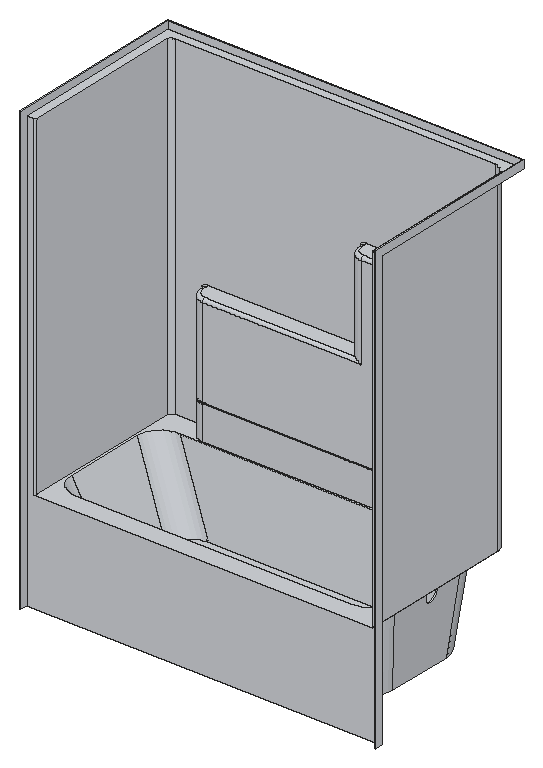
Revit family "OASIS TS-6030 ABF", category Plumbing Fixtures, Revit 2020
Family settings
  Round Connector Dimension = Use Diameter
  Part Type = Normal
  OmniClass Number = 23.45.05.14.21.11
  OmniClass Title = Bath/Shower Units
  Work Plane-Based = No
  Always vertical = Yes
  Cut with Voids When Loaded = No
  Shared = No
  Room Calculation Point = No
Parameters (values of type "Base Model, 3SF, 3SM, & FH Packages")
  Width [instance] = 60"
  Stainless steel = none
  Model = "TS-6030 ABF/(Base Model,3SF,3SM,FH)"
  Default Elevation = 0"
  URL = "www.oasisbath.com"
  Type Comments = "Combination Tub & Shower"  # constant formula
  Seat Finish = none
  Sanitary Connector = "Sanitary Connection"  # constant formula
  Product Documentation Link [instance] = "www.oasisbath.com"
  Manufacturer = "OASIS"  # constant formula
  Hot Water Connector = "Hot Water Connection"  # constant formula
  Height [instance] = 75 1/4"
  Grab Bar Finish = none
  Bar_Horz_Right = no
  Bar_Horz_Left = no
  Bar_Horz_Back_High = no
  Bar_Horz_Back_Low = no
  Bar_Vert = no
  BIM Model By = "www.shive-hattery.com"
  Description = ""
  Depth [instance] = 31 1/4"
  Color = none
  Cold Water Connector = "Cold Water Connection"  # constant formula
Types (5): name | Model | Bar_Horz_Right | Bar_Horz_Left | Bar_Horz_Back_High | Bar_Horz_Back_Low | Bar_Vert
  4BAR Package | "TS-6030 ABF/4BAR" | yes | yes | yes | yes | no
  Base Model, 3SF, 3SM, & FH Packages | "TS-6030 ABF/(Base Model,3SF,3SM,FH)" | no | no | no | no | no
  BP1-60 Package | "TS-6030 ABF/BP1-60" | no | yes | yes | no | no
  BP2-60 Package | "TS-6030 ABF/BP2-60" | no | yes | yes | no | yes
  5BAR Package | "TS-6030 ABF/5BAR" | yes | yes | yes | yes | yes
Reference planes (in)
  plane 1 "Back Exterior": y = 0
  plane 2 "Floor": z = 0
  plane 3 "Center (Left/Right)": x = 0
  plane 4 "Left Exterior": x = -30
  plane 5 "Right Exterior": x = 30
  plane 6 "Top Flange": z = 75.25
  plane 7 "Front Flange": y = -31.25
Forms (in)
  Sweep 1, solid, detail levels medium+fine
    path origin (0, 0, 17.25) x (1, 0, 0) y (0, 1, 0)
      loop
        line (29.875, -31.25) -> (29.875, -30) -> (28.625, -30)
        arc (28.625, -30) -> (28.44822, -29.92678) -> (28.375, -29.75) r 0.25
        line (28.375, -29.75) -> (28.375, -3.625)
        arc (28.375, -3.625) -> (27.78921, -2.21079) -> (26.375, -1.625) r 2
        line (26.375, -1.625) -> (-27.625, -1.625)
        arc (-27.625, -1.625) -> (-28.15533, -1.84467) -> (-28.375, -2.375) r 0.75
        line (-28.375, -2.375) -> (-28.375, -29.75)
        arc (-28.375, -29.75) -> (-28.44822, -29.92678) -> (-28.625, -30) r 0.25
        line (-28.625, -30) -> (-29.875, -30) -> (-29.875, -31.25)
    profile origin (-29.875, -30.625, 17.25) x (1, 0, 0) y (0, 0, 1)
      loop
        line (0, 56.75) -> (-0.125, 56.75) -> (-0.125, 0) -> (0, 0) -> (0, 56.75)
  Extrusion 2, solid, detail levels medium+fine
    sketch origin (0, 0, 74) x (1, 0, 0) y (0, 1, 0)
      loop
        arc (-28.625, -29.875) -> (-28.53661, -29.83839) -> (-28.5, -29.75) r 0.125
        line (-28.5, -29.75) -> (-28.5, -2.375)
        arc (-28.5, -2.375) -> (-28.24372, -1.75628) -> (-27.625, -1.5) r 0.875
        line (-27.625, -1.5) -> (26.375, -1.5)
        arc (26.375, -1.5) -> (27.8776, -2.1224) -> (28.5, -3.625) r 2.125
        line (28.5, -3.625) -> (28.5, -29.75)
        arc (28.5, -29.75) -> (28.53661, -29.83839) -> (28.625, -29.875) r 0.125
        line (28.625, -29.875) -> (30, -29.875) -> (30, 0) -> (-30, 0) -> (-30, -29.875) -> (-28.625, -29.875)
    from -0.125 to 0
  Extrusion 3, solid, detail levels medium+fine
    sketch origin (0, 0, 74) x (1, 0, 0) y (0, 1, 0)
      loop
        line (-30, 0) -> (-30, -31.25) -> (-29.875, -31.25) -> (-29.875, -0.125) -> (29.875, -0.125) -> (29.875, -31.25) -> (30, -31.25) -> (30, 0) -> (-30, 0)
    from 1.25 to 0
  Extrusion 4, void
    sketch origin (0, 0, 3) x (1, 0, 0) y (0, 1, 0)
      loop
        circle (21.25, -15.25) r 1
    from 0.625 to 0
  Extrusion 5, solid, detail levels medium+fine
    sketch origin (0, 0, 0) x (-1, 0, 0) y (0, -1, 0)
      loop
        line (30, 31.25) -> (29.875, 31.25) -> (29.875, 30) -> (-29.875, 30) -> (-29.875, 31.25) -> (-30, 31.25) -> (-30, 29.875) -> (30, 29.875) -> (30, 31.25)
    from 17.25 to 0
  Blend 6, solid, detail levels medium+fine
    base sketch origin (0, 0, 3) x (1, 0, 0) y (0, 1, 0)
      loop
        line (21.375, -6.5) -> (-18.125, -6.5)
        arc (-18.125, -6.5) -> (-20.95343, -7.67157) -> (-22.125, -10.5) r 4
        line (-22.125, -10.5) -> (-22.125, -21.75)
        arc (-22.125, -21.75) -> (-20.95343, -24.57843) -> (-18.125, -25.75) r 4
        line (-18.125, -25.75) -> (21.375, -25.75)
        arc (21.375, -25.75) -> (24.20343, -24.57843) -> (25.375, -21.75) r 4
        line (25.375, -21.75) -> (25.375, -10.5)
        arc (25.375, -10.5) -> (24.20343, -7.67157) -> (21.375, -6.5) r 4
    top sketch origin (0, 0, 3) x (1, 0, 0) y (0, 1, 0)
      loop
        line (22.875, -5) -> (-24.125, -5)
        arc (-24.125, -5) -> (-26.95343, -6.17157) -> (-28.125, -9) r 4
        line (-28.125, -9) -> (-28.125, -23.25)
        arc (-28.125, -23.25) -> (-26.95343, -26.07843) -> (-24.125, -27.25) r 4
        line (-24.125, -27.25) -> (22.875, -27.25)
        arc (22.875, -27.25) -> (25.70343, -26.07843) -> (26.875, -23.25) r 4
        line (26.875, -23.25) -> (26.875, -9)
        arc (26.875, -9) -> (25.70343, -6.17157) -> (22.875, -5) r 4
    from 0 to 14.25
  Blend 7, void
    base sketch origin (0, 0, 3.625) x (1, 0, 0) y (0, 1, 0)
      loop
        line (21.125, -6.75) -> (-17.875, -6.75)
        arc (-17.875, -6.75) -> (-20.70343, -7.92157) -> (-21.875, -10.75) r 4
        line (-21.875, -10.75) -> (-21.875, -21.5)
        arc (-21.875, -21.5) -> (-20.70343, -24.32843) -> (-17.875, -25.5) r 4
        line (-17.875, -25.5) -> (21.125, -25.5)
        arc (21.125, -25.5) -> (23.95343, -24.32843) -> (25.125, -21.5) r 4
        line (25.125, -21.5) -> (25.125, -10.75)
        arc (25.125, -10.75) -> (23.95343, -7.92157) -> (21.125, -6.75) r 4
    top sketch origin (0, 0, 3.625) x (1, 0, 0) y (0, 1, 0)
      loop
        line (-27.875, -9.25) -> (-27.875, -23)
        arc (-27.875, -23) -> (-26.70343, -25.82843) -> (-23.875, -27) r 4
        line (-23.875, -27) -> (22.625, -27)
        arc (22.625, -27) -> (25.45343, -25.82843) -> (26.625, -23) r 4
        line (26.625, -23) -> (26.625, -9.25)
        arc (26.625, -9.25) -> (25.45343, -6.42157) -> (22.625, -5.25) r 4
        line (22.625, -5.25) -> (-23.875, -5.25)
        arc (-23.875, -5.25) -> (-26.70343, -6.42157) -> (-27.875, -9.25) r 4
    from 0 to 13.625
  Extrusion 8, solid, detail levels medium+fine
    sketch origin (0, 0, 17.25) x (1, 0, 0) y (0, 1, 0)
      loop
        line (26.375, -1.625) -> (-27.625, -1.625)
        arc (-27.625, -1.625) -> (-28.15533, -1.84467) -> (-28.375, -2.375) r 0.75
        line (-28.375, -2.375) -> (-28.375, -30) -> (28.375, -30) -> (28.375, -3.625)
        arc (28.375, -3.625) -> (27.78921, -2.21079) -> (26.375, -1.625) r 2
      loop
        line (-27.875, -9.25) -> (-27.875, -23)
        arc (-27.875, -23) -> (-26.70343, -25.82843) -> (-23.875, -27) r 4
        line (-23.875, -27) -> (22.625, -27)
        arc (22.625, -27) -> (25.45343, -25.82843) -> (26.625, -23) r 4
        line (26.625, -23) -> (26.625, -9.25)
        arc (26.625, -9.25) -> (25.45343, -6.42157) -> (22.625, -5.25) r 4
        line (22.625, -5.25) -> (-23.875, -5.25)
        arc (-23.875, -5.25) -> (-26.70343, -6.42157) -> (-27.875, -9.25) r 4
    from 0 to -0.25
  Extrusion 9, void
    sketch origin (26.875, 0, 0) x (0, 1, 0) y (0, 0, 1)
      loop
        circle (-15.25, 15) r 1.25
    from 0 to -1.5
  Extrusion 10, solid, detail levels medium+fine
    sketch origin (0, 0, 38.75) x (1, 0, 0) y (0, 1, 0)
      loop
        line (-20.125, -5) -> (6.625, -5)
        arc (6.625, -5) -> (5.03401, -4.34099) -> (4.375, -2.75) r 2.25
        line (4.375, -2.75) -> (4.375, -2.25)
        arc (4.375, -2.25) -> (4.19194, -1.80806) -> (3.75, -1.625) r 0.625
        line (3.75, -1.625) -> (-23, -1.625)
        arc (-23, -1.625) -> (-22.55806, -1.80806) -> (-22.375, -2.25) r 0.625
        line (-22.375, -2.25) -> (-22.375, -2.75)
        arc (-22.375, -2.75) -> (-21.71599, -4.34099) -> (-20.125, -5) r 2.25
    from -21.5 to 0
  Extrusion 11, solid, detail levels medium+fine
    sketch origin (0, 0, 54.5) x (1, 0, 0) y (0, 1, 0)
      loop
        arc (4.375, -2.75) -> (5.03401, -4.34099) -> (6.625, -5) r 2.25
        line (6.625, -5) -> (20.125, -5)
        arc (20.125, -5) -> (21.71599, -4.34099) -> (22.375, -2.75) r 2.25
        line (22.375, -2.75) -> (22.375, -2.23737)
        arc (22.375, -2.23737) -> (22.51588, -1.84209) -> (22.875, -1.625) r 0.625
        line (22.875, -1.625) -> (3.75, -1.625)
        arc (3.75, -1.625) -> (4.19194, -1.80806) -> (4.375, -2.25) r 0.625
        line (4.375, -2.25) -> (4.375, -2.75)
    from -37.25 to 0
  Sweep 12, void
    path in 3D
      loop
        arc (3.75, -1.625, 54.5) -> (4.19194, -1.80806, 54.5) -> (4.375, -2.25, 54.5) r 0.625
        line (4.375, -2.25, 54.5) -> (4.375, -2.75, 54.5)
        arc (4.375, -2.75, 54.5) -> (5.03401, -4.34099, 54.5) -> (6.625, -5, 54.5) r 2.25
        line (6.625, -5, 54.5) -> (20.125, -5, 54.5)
        arc (20.125, -5, 54.5) -> (21.71599, -4.34099, 54.5) -> (22.375, -2.75, 54.5) r 2.25
        line (22.375, -2.75, 54.5) -> (22.375, -2.23737, 54.5)
        arc (22.375, -2.23737, 54.5) -> (22.51588, -1.84209, 54.5) -> (22.875, -1.625, 54.5) r 0.625
    profile origin (13.375, -5, 54.5) x (0, 1, 0) y (0, 0, 1)
      loop
        line (0, 0) -> (0, -0.5)
        arc (0, -0.5) -> (0.14645, -0.14645) -> (0.5, 0) r 0.5
        line (0.5, 0) -> (0, 0)
  Sweep 13, void
    path in 3D
      loop
        arc (-23, -1.625, 38.75) -> (-22.55806, -1.80806, 38.75) -> (-22.375, -2.25, 38.75) r 0.625
        line (-22.375, -2.25, 38.75) -> (-22.375, -2.75, 38.75)
        arc (-22.375, -2.75, 38.75) -> (-21.71599, -4.34099, 38.75) -> (-20.125, -5, 38.75) r 2.25
        line (-20.125, -5, 38.75) -> (6.625, -5, 38.75)
    profile origin (-6.75, -5, 38.75) x (0, 1, 0) y (0, 0, 1)
      loop
        line (0.5, 0) -> (0, 0) -> (0, -0.5)
        arc (0, -0.5) -> (0.14645, -0.14645) -> (0.5, 0) r 0.5
  Extrusion 14, solid, detail levels coarse
    sketch origin (0, 0, 38.75) x (1, 0, 0) y (0, 1, 0)
      loop
        line (-30, 0) -> (-30, -31.25) -> (30, -31.25) -> (30, 0) -> (-30, 0)
    from -38.75 to 36.5
  Sweep 15, void
    path origin (0, 0, 23) x (1, 0, 0) y (0, 1, 0)
      loop
        line (-22.375, -2.25) -> (-22.375, -2.75)
        arc (-22.375, -2.75) -> (-21.71599, -4.34099) -> (-20.125, -5) r 2.25
        line (-20.125, -5) -> (20.125, -5)
        arc (20.125, -5) -> (21.71599, -4.34099) -> (22.375, -2.75) r 2.25
        line (22.375, -2.75) -> (22.375, -2.23737)
    profile origin (0, -5, 23) x (0, 1, 0) y (0, 0, 1)
      loop
        circle (0, 0) r 0.0625
Cuts and joins
  Extrusion 4 cuts Sweep 1
  Extrusion 4 cuts Extrusion 2
  Extrusion 4 cuts Extrusion 3
  Extrusion 4, Blend 7, Extrusion 9 cuts Blend 6
  joined: Sweep 1, Extrusion 2, Extrusion 3, Extrusion 5, Blend 6, Extrusion 8
  Sweep 13, Sweep 15 cuts Extrusion 10
  Sweep 12, Sweep 15 cuts Extrusion 11
  joined: Extrusion 10, Extrusion 11
Lines and regions (in)
  symbolic lines
    curve 1: line (0, -31.25, 75.25) -> (0, -31.25, 0)
    curve 2: line (0, -31.25, 0) -> (0, -30, 0)
    curve 5: line (0, -31.25, 75.25) -> (0, 0, 75.25)
    curve 7: line (0, 0, 74) -> (0, 0, 75.25)
    curve 8: line (-30, 0, 0) -> (30, 0, 0)
    curve 11: line (-30, 0, 75.25) -> (-30, 0, 0)
    curve 12: line (30, 0, 75.25) -> (30, 0, 0)
    curve 15: line (-30, 0, 75.25) -> (30, 0, 75.25)
    curve 18: line (30, 0, 0) -> (-30, 0, 0)
    curve 19: line (-30, 0, 0) -> (-30, -31.25, 0)
    curve 20: line (30, 0, 0) -> (30, -31.25, 0)
    curve 21: line (-29.875, -31.25, 0) -> (-30, -31.25, 0)
    curve 41: line (30, -31.25, 0) -> (29.875, -31.25, 0)
  symbolic lines, detail levels medium+fine
    curve 3: line (0, -1.625, 17.75) -> (0, -1.625, 74)
    curve 4: line (0, -30, 0) -> (0, -30, 74)
    curve 6: line (0, -30, 74) -> (0, 0, 74)
    curve 9: line (-27.77475, 0, 17.25) -> (27.77475, 0, 17.25)
    curve 10: line (-28.375, 0, 74) -> (-28.375, 0, 18.625)
    curve 13: line (28.375, 0, 74) -> (28.375, 0, 18.625)
    curve 14: line (-29.875, 0, 74) -> (29.875, 0, 74)
    curve 16: line (29.875, 0, 75.25) -> (29.875, 0, 0)
    curve 22: line (28.625, -30, 0) -> (-28.625, -30, 0)
    curve 23: line (26.375, -1.625, 0) -> (-27.625, -1.625, 0)
    curve 24: line (-28.375, -2.375, 0) -> (-28.375, -29.75, 0)
    curve 25: line (28.375, -3.625, 0) -> (28.375, -29.75, 0)
    curve 26: arc (-28.375, -2.375, 0) -> (-28.15533, -1.84467, 0) -> (-27.625, -1.625, 0) r 0.75
    curve 27: arc (26.375, -1.625, 0) -> (27.78921, -2.21079, 0) -> (28.375, -3.625, 0) r 2
    curve 28: line (-29.875, -0.125, 0) -> (-29.875, -30, 0)
    curve 29: line (29.875, -0.125, 0) -> (-29.875, -0.125, 0)
    curve 30: line (29.875, -0.125, 0) -> (29.875, -30, 0)
    curve 31: line (30, -31.25, 0) -> (29.875, -31.25, 0)
    curve 42: line (29.875, -30, 0) -> (29.875, -31.25, 0)
    curve 43: line (-29.875, -30, 0) -> (-29.875, -31.25, 0)
    curve 44: line (-29.875, -30, 3) -> (-28.625, -30, 3)
    curve 45: arc (-28.375, -29.75, 3) -> (-28.44822, -29.92678, 3) -> (-28.625, -30, 3) r 0.25
    curve 46: arc (28.625, -30, 3) -> (28.44822, -29.92678, 3) -> (28.375, -29.75, 3) r 0.25
    curve 47: line (28.625, -30, 3) -> (29.875, -30, 3)
    curve 48: arc (-28.375, 0, 18.625) -> (-28.2184, 0, 17.87485) -> (-27.77475, 0, 17.25) r 1.875
    curve 49: arc (28.375, 0, 18.625) -> (28.2184, 0, 17.87485) -> (27.77475, 0, 17.25) r 1.875
    curve 58: line (-28.125, -9, 0) -> (-28.125, -23.25, 0)
    curve 59: line (22.875, -5, 0) -> (-24.125, -5, 0)
    curve 60: line (26.875, -9, 0) -> (26.875, -23.25, 0)
    curve 61: line (22.875, -27.25, 0) -> (-24.125, -27.25, 0)
    curve 62: arc (22.875, -5, 0) -> (25.70343, -6.17157, 0) -> (26.875, -9, 0) r 4
    curve 63: arc (26.875, -23.25, 0) -> (25.70343, -26.07843, 0) -> (22.875, -27.25, 0) r 4
    curve 64: arc (-24.125, -27.25, 0) -> (-26.95343, -26.07843, 0) -> (-28.125, -23.25, 0) r 4
    curve 65: arc (-28.125, -9, 0) -> (-26.95343, -6.17157, 0) -> (-24.125, -5, 0) r 4
    curve 66: circle (21.25, -15.25, 3.625) r 1 normal (0, 0, 1)
    curve 67: line (0, -16.25, 3) -> (0, -14.25, 3)
    curve 68: line (0, -27.20098, 16.80472) -> (0, -25.94609, 5.40614)
    curve 69: line (0, -5, 17.25) -> (0, -6.30391, 5.40614)
    curve 79: arc (0, -2.125, 17.25) -> (0, -1.77145, 17.39645) -> (0, -1.625, 17.75) r 0.5
    curve 80: circle (0, -15.25, 15) r 1.25 normal (1, 0, 0)
    curve 92: line (4.375, 0, 38.75) -> (-21.87557, 0, 38.75)
    curve 93: line (4.375, 0, 38.75) -> (4.375, 0, 54)
    curve 94: line (21.875, 0, 54.5) -> (4.875, 0, 54.5)
    curve 95: line (22.375, 0, 54) -> (22.375, 0, 17.25)
    curve 96: line (-22.37557, 0, 17.25) -> (-22.37557, 0, 38.25)
    curve 97: arc (4.375, 0, 54) -> (4.52145, 0, 54.35355) -> (4.875, 0, 54.5) r 0.5
    curve 98: arc (21.875, 0, 54.5) -> (22.22855, 0, 54.35355) -> (22.375, 0, 54) r 0.5
    curve 99: arc (-22.37557, 0, 38.25) -> (-22.22912, 0, 38.60355) -> (-21.87557, 0, 38.75) r 0.5
    curve 100: line (0, -1.625, 38.75) -> (0, -4.5, 38.75)
    curve 101: line (0, -1.625, 54.5) -> (0, -3.99975, 54.5)
    curve 102: arc (0, -25.94609, 5.40614) -> (0, -25.29269, 4.13542) -> (0, -23.9581, 3.625) r 2
    curve 103: arc (0, -8.2919, 3.625) -> (0, -6.95731, 4.13542) -> (0, -6.30391, 5.40614) r 2
    curve 104: line (0, -1.625, 23) -> (0, -4.90221, 23)
    curve 105: arc (0, -30, 16.75) -> (0, -29.85355, 17.10355) -> (0, -29.5, 17.25) r 0.5
    curve 106: arc (0, -27.69798, 17.25) -> (0, -27.36433, 17.1224) -> (0, -27.20098, 16.80472) r 0.5
    curve 107: line (22.375, 0, 23) -> (-22.37557, 0, 23)
    curve 108: arc (-23, -1.625, 38.75) -> (-22.55806, -1.80806, 38.75) -> (-22.375, -2.25, 38.75) r 0.625
    curve 109: line (-22.375, -2.25, 38.75) -> (-22.375, -2.75, 38.75)
    curve 110: arc (-22.375, -2.75, 38.75) -> (-21.71599, -4.34099, 38.75) -> (-20.125, -5, 38.75) r 2.25
    curve 111: arc (3.75, -1.625, 38.75) -> (4.19194, -1.80806, 38.75) -> (4.375, -2.25, 38.75) r 0.625
    curve 112: line (4.375, -2.25, 38.75) -> (4.375, -2.75, 38.75)
    curve 113: arc (4.375, -2.75, 38.75) -> (5.03401, -4.34099, 38.75) -> (6.625, -5, 38.75) r 2.25
    curve 114: arc (22.375, -2.23737, 38.75) -> (22.51588, -1.84209, 38.75) -> (22.875, -1.625, 38.75) r 0.625
    curve 115: line (22.375, -2.75, 38.75) -> (22.375, -2.23737, 38.75)
    curve 116: arc (20.125, -5, 38.75) -> (21.71599, -4.34099, 38.75) -> (22.375, -2.75, 38.75) r 2.25
    curve 117: line (0, -5, 38.25) -> (0, -5, 17.25)
    curve 118: arc (0, -5, 38.25) -> (0, -4.85355, 38.60355) -> (0, -4.5, 38.75) r 0.5
    curve 119: line (0, -4.4995, 54.01587) -> (0, -5, 38.25)
    curve 120: arc (0, -4.4995, 54.01587) -> (0, -4.34765, 54.35912) -> (0, -3.99975, 54.5) r 0.5
  symbolic lines, detail levels fine
    curve 17: line (-29.875, 0, 75.25) -> (-29.875, 0, 0)
  symbolic lines, style "PlumbingFixturesHiddenLines", detail levels coarse
    curve 32: line (-30, 0, 0) -> (30, -31.25, 0)
    curve 33: line (30, 0, 0) -> (-30, -31.25, 0)
    curve 35: line (-30, 0, 75.25) -> (30, 0, 0)
    curve 36: line (-30, 0, 0) -> (30, 0, 75.25)
    curve 39: line (0, -31.25, 75.25) -> (0, 0, 0)
    curve 40: line (0, 0, 75.25) -> (0, -31.25, 0)
  symbolic lines, detail levels coarse
    curve 34: line (29.875, -31.25, 0) -> (-29.875, -31.25, 0)
    curve 37: line (0, 0, 0) -> (0, 0, 74)
    curve 38: line (0, -30, 0) -> (0, 0, 0)
  symbolic lines, style "InvisibleLines"
    curve 50: line (21.375, -6.5, 0) -> (-18.125, -6.5, 0)
    curve 51: line (-22.125, -10.5, 0) -> (-22.125, -21.75, 0)
    curve 52: line (21.375, -25.75, 0) -> (-18.125, -25.75, 0)
    curve 53: arc (-22.125, -10.5, 0) -> (-20.95343, -7.67157, 0) -> (-18.125, -6.5, 0) r 4
    curve 54: line (25.375, -10.5, 0) -> (25.375, -21.75, 0)
    curve 55: arc (21.375, -6.5, 0) -> (24.20343, -7.67157, 0) -> (25.375, -10.5, 0) r 4
    curve 56: arc (25.375, -21.75, 0) -> (24.20343, -24.57843, 0) -> (21.375, -25.75, 0) r 4
    curve 57: arc (-18.125, -25.75, 0) -> (-20.95343, -24.57843, 0) -> (-22.125, -21.75, 0) r 4
    curve 75: line (0, -25.75, 3.625) -> (0, -25.75, 17.25)
    curve 76: line (0, -27.25, 3.625) -> (0, -27.25, 16.97208)
    curve 77: line (0, -5, 3.625) -> (0, -5, 17.25)
    curve 78: line (0, -6.5, 3.625) -> (0, -6.5, 17.25)
  symbolic lines, style "PlumbingFixtures", detail levels medium+fine
    curve 70: line (0, -23.9581, 3.625) -> (0, -16.375, 3.625)
    curve 71: line (0, -14.125, 3.625) -> (0, -8.2919, 3.625)
    curve 72: line (0, -16.25, 3) -> (0, -16.375, 3.625)
    curve 73: line (0, -14.25, 3) -> (0, -14.125, 3.625)
    curve 74: line (0, -29.5, 17.25) -> (0, -2.125, 17.25)
  sketch lines
    curve 81: line (6.625, -5, 54.5) -> (20.125, -5, 54.5)
    curve 82: arc (6.625, -5, 54.5) -> (5.03401, -4.34099, 54.5) -> (4.375, -2.75, 54.5) r 2.25
    curve 83: arc (22.375, -2.75, 54.5) -> (21.71599, -4.34099, 54.5) -> (20.125, -5, 54.5) r 2.25
    curve 84: line (-20.125, -5, 38.75) -> (6.625, -5, 38.75)
    curve 85: arc (-20.125, -5, 38.75) -> (-21.71599, -4.34099, 38.75) -> (-22.375, -2.75, 38.75) r 2.25
    curve 86: line (-22.375, -2.25, 38.75) -> (-22.375, -2.75, 38.75)
    curve 87: arc (-22.375, -2.25, 38.75) -> (-22.55806, -1.80806, 38.75) -> (-23, -1.625, 38.75) r 0.625
    curve 88: line (22.375, -2.75, 54.5) -> (22.375, -2.23737, 54.5)
    curve 89: arc (22.875, -1.625, 54.5) -> (22.51588, -1.84209, 54.5) -> (22.375, -2.23737, 54.5) r 0.625
    curve 90: line (4.375, -2.25, 54.5) -> (4.375, -2.75, 54.5)
    curve 91: arc (4.375, -2.25, 54.5) -> (4.19194, -1.80806, 54.5) -> (3.75, -1.625, 54.5) r 0.625
Dimensions and locks (in)
  equal spacing: plane 4 "Left Exterior", plane 3 "Center (Left/Right)", plane 5 "Right Exterior"
  aligned and locked: level to plane 2 "Floor"
  aligned and locked: Sweep 1 sketch curve to curve 43
  aligned and locked: Sweep 1 sketch curve to curve 26
  aligned and locked: Sweep 1 sketch curve to curve 27
  aligned and locked: Sweep 1 sketch curve to curve 42
  aligned and locked: curve 17 to Sweep 1 sketch curve
  aligned and locked: curve 11 to Sweep 1 sketch curve
  aligned and locked: Extrusion 2 sketch curve to Sweep 1  (x5)
  aligned and locked: Extrusion 2 sketch curve to curve 20
  aligned and locked: Extrusion 2 sketch curve to curve 18
  aligned and locked: Extrusion 2 sketch curve to curve 19
  aligned and locked: Extrusion 3 sketch curve to curve 29
  aligned and locked: plane 7 "Front Flange" to Extrusion 5 sketch curve
  aligned and locked: Extrusion 5 sketch curve to plane 4 "Left Exterior"
  aligned and locked: Extrusion 4 sketch curve to curve 66
  aligned and locked: Extrusion 5 sketch curve to plane 5 "Right Exterior"
  aligned and locked: Extrusion 5 sketch curve to plane 7 "Front Flange"
  aligned and locked: Extrusion 5 sketch curve to curve 42
  aligned and locked: Extrusion 9 sketch curve to curve 80
  aligned and locked: Extrusion 10 to Sweep 13 sketch curve
Automatic sketch dimensions
  plane 4 "Left Exterior" to curve 21 = 1/8"
  curve 34 to plane 5 "Right Exterior" = 1/8"
  plane 1 "Back Exterior" to curve 29 = 1/8"
  plane 7 "Front Flange" to Sweep 1 sketch curve = 0"  (x2)
  plane 4 "Left Exterior" to curve 44 = 1/8"
  curve 47 to plane 5 "Right Exterior" = 1/8"
  Extrusion 5 sketch curve to plane 4 "Left Exterior" = 1/8"
  Sweep 12 sketch curve to profile plane = 0"  (x4)
  Sweep 12 sketch curve to Sweep 12 sketch curve = 1/2"  (x2)
  Sweep 12 sketch curve to Sweep 12 sketch curve = 0"
  Sweep 13 sketch curve to Sweep 13 sketch curve = 1/2"  (x3)
  Sweep 13 sketch curve to profile plane = 0"  (x3)
  Extrusion 10 sketch curve to Extrusion 10 sketch curve = 26 3/4"
  Extrusion 11 sketch curve to Extrusion 11 sketch curve = 1/2"  (x2)
  plane 4 "Left Exterior" to curve 24 = 1 5/8"
  plane 4 "Left Exterior" to curve 58 = 1 7/8"
  curve 26 to curve 59 = 3 1/2"
  curve 64 to curve 51 = 2"
  curve 51 to curve 53 = 4"
  curve 57 to curve 52 = 4"
  curve 55 to plane 5 "Right Exterior" = 8 5/8"
  curve 52 to curve 54 = 4"
  curve 50 to curve 59 = 1 1/2"
  curve 56 to curve 61 = 1 1/2"
  curve 23 to plane 5 "Right Exterior" = 3 5/8"
  curve 54 to curve 60 = 1 1/2"
  curve 22 to curve 24 = 1/4"  (x2)
  curve 25 to curve 22 = 1/4"
  Sweep 1 sketch curve to Sweep 1 sketch curve = 1/4"  (x2)
  curve 66 to plane 5 "Right Exterior" = 8 3/4"
  plane 4 "Left Exterior" to Blend 6 sketch curve = 7 7/8"
  Blend 6 sketch curve to Blend 6 sketch curve = 4"  (x5)
  Blend 6 sketch curve to plane 5 "Right Exterior" = 8 5/8"  (x2)
  plane 4 "Left Exterior" to Blend 6 sketch curve = 1 7/8"
  Blend 6 sketch curve to plane 5 "Right Exterior" = 7 1/8"  (x2)
  plane 4 "Left Exterior" to Blend 7 sketch curve = 8 1/8"
  Blend 7 sketch curve to Blend 7 sketch curve = 4"  (x5)
  Blend 7 sketch curve to plane 5 "Right Exterior" = 8 7/8"  (x2)
  plane 4 "Left Exterior" to Blend 7 sketch curve = 2 1/8"
  Blend 7 sketch curve to plane 5 "Right Exterior" = 7 3/8"  (x2)
  plane 4 "Left Exterior" to Extrusion 8 sketch curve = 1 5/8"
  plane 4 "Left Exterior" to Extrusion 8 sketch curve = 2 1/8"
  Extrusion 8 sketch curve to Extrusion 8 sketch curve = 4 1/2"
  Extrusion 8 sketch curve to Extrusion 8 sketch curve = 3 3/4"
  Extrusion 8 sketch curve to plane 5 "Right Exterior" = 7 3/8"  (x2)
  Extrusion 8 sketch curve to plane 5 "Right Exterior" = 3 5/8"
  plane 4 "Left Exterior" to Extrusion 10 sketch curve = 7"
  plane 3 "Center (Left/Right)" to Extrusion 10 sketch curve = 3 3/4"
  Extrusion 10 sketch curve to Extrusion 10 sketch curve = 5/8"  (x2)
  plane 3 "Center (Left/Right)" to Extrusion 11 sketch curve = 3 3/4"
  Extrusion 11 sketch curve to plane 5 "Right Exterior" = 9 7/8"
  curve 24 to curve 23 = 3/4"
  curve 64 to curve 64 = 4"
  curve 52 to plane 5 "Right Exterior" = 8 5/8"
  curve 25 to plane 5 "Right Exterior" = 1 5/8"
  curve 42 to plane 7 "Front Flange" = 1 1/4"
  curve 43 to plane 7 "Front Flange" = 1 1/4"
  curve 61 to plane 7 "Front Flange" = 4"
  curve 52 to plane 7 "Front Flange" = 5 1/2"
  plane 1 "Back Exterior" to curve 54 = 10 1/2"
  curve 55 to curve 62 = 1 1/2"
  plane 1 "Back Exterior" to curve 25 = 3 5/8"
  curve 28 to curve 22 = 0"
  curve 22 to curve 25 = 1/4"
  Sweep 1 sketch curve to plane 7 "Front Flange" = 1 1/4"  (x2)
  plane 1 "Back Exterior" to curve 66 = 15 1/4"
  plane 7 "Front Flange" to Extrusion 5 sketch curve = 1 1/4"
  Extrusion 5 sketch curve to Extrusion 5 sketch curve = 1/8"
  Blend 6 sketch curve to plane 7 "Front Flange" = 5 1/2"
  plane 1 "Back Exterior" to Blend 6 sketch curve = 10 1/2"
  Blend 6 sketch curve to plane 5 "Right Exterior" = 3 1/8"
  Blend 6 sketch curve to plane 7 "Front Flange" = 4"
  plane 1 "Back Exterior" to Blend 6 sketch curve = 9"
  Blend 7 sketch curve to plane 7 "Front Flange" = 5 3/4"
  Blend 7 sketch curve to Blend 7 sketch curve = 10 3/4"
  Blend 7 sketch curve to plane 5 "Right Exterior" = 3 3/8"
  Blend 7 sketch curve to plane 7 "Front Flange" = 4 1/4"
  plane 1 "Back Exterior" to Blend 7 sketch curve = 9 1/4"
  Extrusion 8 sketch curve to Extrusion 8 sketch curve = 3/4"
  Extrusion 8 sketch curve to plane 5 "Right Exterior" = 3 3/8"
  Extrusion 8 sketch curve to plane 5 "Right Exterior" = 1 5/8"
  Extrusion 8 sketch curve to plane 7 "Front Flange" = 1 1/4"
  Extrusion 8 sketch curve to plane 7 "Front Flange" = 4 1/4"
  plane 1 "Back Exterior" to Extrusion 8 sketch curve = 9 1/4"
  plane 1 "Back Exterior" to Extrusion 8 sketch curve = 3 5/8"
  Extrusion 10 sketch curve to Extrusion 10 sketch curve = 2 1/4"
  Extrusion 10 sketch curve to Extrusion 10 sketch curve = 0"
  plane 1 "Back Exterior" to Extrusion 10 sketch curve = 5"
  plane 1 "Back Exterior" to Extrusion 10 sketch curve = 2 3/4"
  Extrusion 10 sketch curve to Extrusion 10 sketch curve = 1/2"
  Extrusion 11 sketch curve to Extrusion 11 sketch curve = 5/8"  (x2)
  Extrusion 11 sketch curve to Extrusion 11 sketch curve = 2 1/4"  (x2)
  plane 1 "Back Exterior" to Extrusion 11 sketch curve = 5"
  plane 1 "Back Exterior" to curve 33 = 0"
  curve 31 to plane 5 "Right Exterior" = 0"
  plane 7 "Front Flange" to curve 43 = 0"
  curve 18 to plane 4 "Left Exterior" = 0"
  Extrusion 14 sketch curve to plane 4 "Left Exterior" = 0"
  plane 5 "Right Exterior" to Extrusion 14 sketch curve = 0"
  plane 7 "Front Flange" to Extrusion 14 sketch curve = 0"
  Extrusion 14 sketch curve to plane 1 "Back Exterior" = 0"
  Extrusion 3 sketch curve to plane 4 "Left Exterior" = 0"
  plane 7 "Front Flange" to Extrusion 3 sketch curve = 0"  (x2)
  plane 1 "Back Exterior" to Extrusion 3 sketch curve = 0"
  Extrusion 3 sketch curve to plane 5 "Right Exterior" = 0"
  plane 4 "Left Exterior" to Extrusion 3 sketch curve = 1/8"
  Extrusion 3 sketch curve to Extrusion 3 sketch curve = 1/8"
  curve 44 to curve 45 = 1 1/4"
  curve 46 to curve 47 = 1 1/4"
  curve 44 to plane 7 "Front Flange" = 1 1/4"
  curve 47 to plane 7 "Front Flange" = 1 1/4"
  curve 45 to curve 45 = 1/4"
  curve 47 to curve 46 = 1/4"
  curve 8 to level = 0"
  curve 8 to plane 4 "Left Exterior" = 0"
  curve 17 to plane 6 "Top Flange" = 0"
  curve 15 to plane 5 "Right Exterior" = 0"
  plane 4 "Left Exterior" to curve 10 = 1 5/8"
  curve 10 to curve 9 = 0.60025"
  curve 9 to curve 48 = 1.27475"
  plane 4 "Left Exterior" to curve 96 = 7.62443"
  curve 96 to curve 99 = 1/2"
  plane 3 "Center (Left/Right)" to curve 93 = 4 3/8"
  curve 93 to curve 97 = 1/2"
  curve 98 to plane 5 "Right Exterior" = 8 1/8"
  curve 98 to curve 95 = 1/2"
  curve 49 to plane 5 "Right Exterior" = 3 1/2"
  curve 49 to curve 9 = 1.27475"
  curve 9 to curve 13 = 0.60025"
  level to curve 9 = 17 1/4"
  curve 48 to curve 96 = 19 5/8"
  plane 4 "Left Exterior" to curve 17 = 1/8"
  curve 16 to curve 8 = 1/8"
  curve 14 to curve 16 = 1 1/4"
  Sweep 1 sketch curve to profile plane = 0"
  profile plane to Sweep 1 sketch curve = 56 3/4"
  curve 95 to curve 13 = 20"
  curve 95 to curve 107 = 5 3/4"
  Sweep 15 sketch curve to profile plane = 0"  (x2)
  plane 4 "Left Exterior" to Sweep 15 sketch curve = 9 7/8"
  plane 1 "Back Exterior" to Sweep 15 sketch curve = 5"
  Sweep 15 sketch curve to plane 5 "Right Exterior" = 9 7/8"
  Sweep 15 sketch curve to Sweep 15 sketch curve = 2 1/4"  (x2)
  Sweep 15 sketch curve to Sweep 15 sketch curve = 1/2"
  Sweep 15 sketch curve to Sweep 15 sketch curve = 0.51263"
  plane 1 "Back Exterior" to curve 108 = 2 1/4"
  plane 4 "Left Exterior" to curve 108 = 7"
  curve 108 to curve 109 = 5/8"
  curve 109 to curve 109 = 1/2"
  curve 110 to curve 110 = 2 1/4"
  plane 3 "Center (Left/Right)" to curve 111 = 3 3/4"
  curve 111 to curve 112 = 5/8"
  plane 1 "Back Exterior" to curve 111 = 2 1/4"
  curve 112 to curve 111 = 1/2"
  curve 112 to curve 113 = 2 1/4"
  plane 1 "Back Exterior" to curve 115 = 2.23737"
  curve 115 to plane 5 "Right Exterior" = 7 5/8"
  curve 114 to curve 114 = 5/8"
  curve 114 to curve 114 = 1/8"
  curve 115 to curve 114 = 0.51263"
  curve 116 to curve 115 = 2 1/4"
  curve 1 to plane 6 "Top Flange" = 0"
  curve 1 to plane 7 "Front Flange" = 0"
  curve 4 to level = 0"
  curve 37 to plane 1 "Back Exterior" = 0"
  curve 4 to plane 7 "Front Flange" = 1 1/4"
  curve 105 to curve 105 = 1/2"
  curve 105 to curve 106 = 1.80202"
  curve 106 to curve 68 = 0.497"
  curve 68 to plane 7 "Front Flange" = 5.30391"
  curve 102 to curve 70 = 1.98799"
  level to curve 70 = 3 5/8"
  curve 102 to curve 70 = 7.5831"
  curve 70 to curve 67 = 1/8"
  curve 70 to curve 80 = 1 1/8"
  curve 67 to curve 67 = 2"
  curve 67 to curve 71 = 1/8"
  curve 71 to curve 103 = 5.8331"
  curve 103 to curve 69 = 1.98799"
  plane 1 "Back Exterior" to curve 117 = 5"
  curve 118 to curve 118 = 1/2"
  plane 1 "Back Exterior" to curve 119 = 4.4995"
  curve 119 to curve 120 = 0.49975"
  plane 1 "Back Exterior" to curve 74 = 2 1/8"
  curve 79 to curve 3 = 1/2"
  curve 73 to curve 70 = 5/8"
  level to curve 71 = 3 5/8"
  curve 102 to curve 68 = 1.78114"
  curve 71 to curve 69 = 1.78114"
  curve 70 to curve 80 = 11 3/8"
  curve 68 to curve 106 = 11.34386"
  curve 105 to curve 106 = 0"
  curve 79 to curve 117 = 20 1/2"
  curve 120 to curve 119 = 0.01587"
  curve 6 to plane 6 "Top Flange" = 1 1/4"
  curve 76 to curve 68 = 0.04902"
  curve 76 to curve 75 = 1 1/2"
  curve 78 to curve 117 = 1 1/2"
  curve 69 to curve 117 = 0"
  curve 78 to curve 77 = 1 1/2"
  curve 104 to curve 104 = 3.27721"
  curve 75 to curve 70 = 0"
  curve 78 to curve 69 = 1.78114"
  curve 78 to curve 77 = 0"
  curve 76 to curve 75 = 0"
  curve 77 to curve 104 = 5 3/4"
  radius of curve 66 = 1"
  radius of Sweep 15 sketch curve = 1/16"
  radius of curve 80 = 1 1/4"
Nested families (in)
  nested 1: "Grab Bar-A" at (-28.375, -12, 35) x (0, 1, 0) z (1, 0, 0), visible <- "Bar_Horz_Left", type "Grab Bar-A", detail levels fine
    with Length 12"
  nested 2: "Grab Bar-A" at (28.375, -12, 35) x (0, 1, 0) z (-1, 0, 0), visible <- "Bar_Horz_Right", type "Grab Bar-A", detail levels fine
    with Length 12"
  nested 3: "Grab Bar-A" at (28.375, -24, 39) x (0, 0, -1) z (-1, 0, 0), visible <- "Bar_Vert", type "Grab Bar-A", detail levels fine
    with Length 24"
  nested 4: "Grab Bar-A" at (19.125, -5, 35) x (1, 0, 0) z (0, -1, 0), visible <- "Bar_Horz_Back_High", type "Grab Bar-A", detail levels fine
    with Length 24"
  nested 5: "Grab Bar-A" at (19.125, -5, 26.25) x (1, 0, 0) z (0, -1, 0), visible <- "Bar_Horz_Back_Low", type "Grab Bar-A", detail levels fine
    with Length 24"
Definition of nested family "Grab Bar-A"
  Parameters (values of type "Grab Bar-A")
    Radius = Diameter / 2  # 5/8"
    Outside Corner = Diameter * 1.5  # 1 7/8"
    Length [instance] = 24"
    Inside Corner = Diameter / 2  # 5/8"
    Diameter = 1 1/4"
    Depth = Diameter  # 1 1/4"
    Default Elevation = 0"
    Grab Bar Color = none
  Reference planes (in)
    plane 1 "Center (Front/Back)": y = 0
    plane 2 "Wall": z = 0
    plane 3 "Right": x = 0
    plane 4 "Left": x = -24
    plane 5: y = 0.625
    plane 6: y = -0.625
    plane 7: x = -23.375
    plane 8: x = -24.625
    plane 9: x = -0.625
    plane 10: x = 0.625
    plane 11: z = 1.25
    plane 12: z = 1.875
    plane 13: z = 2.5
  Forms (in)
    Extrusion 1, solid
      sketch origin (-10.75, -0.25, 0) x (1, 0, 0) y (0, 1, 0)
        loop
          line (-57.75, 48) -> (-57.75, -48) -> (27.8657, -48) -> (27.8657, 48) -> (-57.75, 48)
      from 0 to -12
    Sweep 2, solid, material <- "Grab Bar Color"
      path origin (0, 0, 0) x (1, 0, 0) y (0, 0, 1)
        loop
          line (0, 0) -> (0, 0.75)
          arc (0, 0.75) -> (-0.3295, 1.5455) -> (-1.125, 1.875) r 1.125
          line (-1.125, 1.875) -> (-22.625, 1.875)
          arc (-22.625, 1.875) -> (-23.59727, 1.47227) -> (-24, 0.5) r 1.375
          line (-24, 0.5) -> (-24, 0)
      profile origin (-24, 0, 0.25) x (0, -1, 0) y (1, 0, 0)
        loop
          circle (0, 0) r 0.625
  Lines and regions (in)
    Masking region 1
      outline origin (0, 0, 0) x (1, 0, 0) y (0, 0, 1)
        loop
          arc (-22.75, 2.5) -> (-24.07583, 1.95083) -> (-24.625, 0.625) r 1.875
          line (-24.625, 0.625) -> (-24.625, 0) -> (-23.375, 0) -> (-23.375, 0.625)
          arc (-23.375, 0.625) -> (-23.19194, 1.06694) -> (-22.75, 1.25) r 0.625
          line (-22.75, 1.25) -> (-1.25, 1.25)
          arc (-1.25, 1.25) -> (-0.80806, 1.06694) -> (-0.625, 0.625) r 0.625
          line (-0.625, 0.625) -> (-0.625, 0) -> (0.625, 0) -> (0.625, 0.625)
          arc (0.625, 0.625) -> (0.07583, 1.95083) -> (-1.25, 2.5) r 1.875
          line (-1.25, 2.5) -> (-22.75, 2.5)
    Masking region 2
      outline origin (0, 0, 0) x (0, 1, 0) y (0, 0, 1)
        loop
          line (-0.625, 1.875) -> (-0.625, 0) -> (0.625, 0) -> (0.625, 1.875)
          arc (0.625, 1.875) -> (0, 2.5) -> (-0.625, 1.875) r 0.625
    symbolic lines
      curve 1: line (-24, 0.625, 0) -> (0, 0.625, 0)
      curve 2: line (-24, -0.625, 0) -> (0, -0.625, 0)
      curve 3: arc (-24.625, 0, 0) -> (-24.44194, 0.44194, 0) -> (-24, 0.625, 0) r 0.625
      curve 4: arc (-24.625, 0, 0) -> (-24.44194, -0.44194, 0) -> (-24, -0.625, 0) r 0.625
      curve 5: arc (0, 0.625, 0) -> (0.44194, 0.44194, 0) -> (0.625, 0, 0) r 0.625
      curve 6: arc (0.625, 0, 0) -> (0.44194, -0.44194, 0) -> (0, -0.625, 0) r 0.625
  Dimensions and locks (in)
    "Length": plane 4 "Left" to plane 3 "Right"
    equal spacing: plane 8, plane 4 "Left", plane 7
    "Diameter": plane 8 to plane 7
    equal spacing: plane 9, plane 3 "Right", plane 10
    "Diameter": plane 9 to plane 10
    equal spacing: plane 5, plane 1 "Center (Front/Back)", plane 6
    "Diameter": plane 5 to plane 6
    equal spacing: plane 13, plane 12, plane 11
    "Diameter": plane 13 to plane 11
    "Depth": plane 11 to level
    "Radius": radius of curve 3
    "Radius": radius of curve 4
    "Radius": radius of curve 6
    "Radius": radius of curve 5
    "Outside Corner": radius of Masking region 1 sketch curve  (x2)
    "Inside Corner": radius of Masking region 1 sketch curve  (x2)
    "Radius": radius of Masking region 2 sketch curve
    aligned and locked: plane 2 "Wall" to Extrusion 1
    aligned and locked: level to Extrusion 1
    aligned and locked: curve 1 to plane 5
    aligned and locked: curve 2 to plane 6
    aligned and locked: Sweep 2 sketch curve to plane 4 "Left"
    aligned and locked: Sweep 2 sketch curve to plane 12
    aligned and locked: Sweep 2 sketch curve to plane 3 "Right"
    aligned and locked: Sweep 2 sketch curve to curve 3
    aligned and locked: Masking region 1 sketch curve to plane 2 "Wall"
    aligned and locked: Masking region 2 sketch curve to plane 5
    aligned and locked: Masking region 2 sketch curve to level
    aligned and locked: plane 12 to Masking region 2 sketch curve  (x2)
  Automatic sketch dimensions
    Extrusion 1 sketch curve to Extrusion 1 sketch curve = 85.6157"
    Extrusion 1 sketch curve to Extrusion 1 sketch curve = 96"
    curve 2 to plane 3 "Right" = 0"
    plane 7 to Sweep 2 sketch curve = 3/4"
    level to Sweep 2 sketch curve = 3/4"
    Sweep 2 sketch curve to level = 0"  (x2)
    curve 3 to curve 4 = 0"
    curve 2 to plane 4 "Left" = 0"
    Masking region 1 sketch curve to level = 0"
    Masking region 1 sketch curve to Masking region 1 sketch curve = 0"  (x3)
    Masking region 1 sketch curve to plane 8 = 0"
    Masking region 1 sketch curve to plane 11 = 0"
    Masking region 1 sketch curve to plane 9 = 0"
